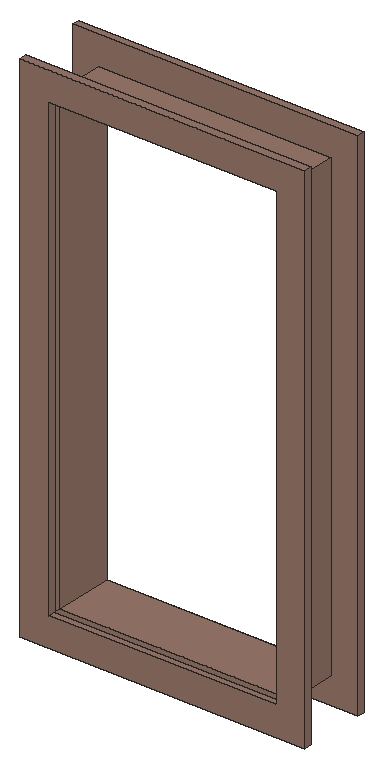
Revit family
Parameters (values of type "0610 x 1220mm")
  높이 = 1220 mm
  씰 높이 = 915 mm
  자르기 재료 = 자르기
  자르기 두께 = 20 mm
  자르기 폭 = 75 mm
  폭 = 610 mm
Types (10, lengths in mm): name | 높이 | 씰 높이 | 폭
  (no name) | 1220 | 915 | 610
  0915 x 1220mm | 1220 | 915 | 915
  0915 x 0610mm | 610 | 915 | 915
  0915 x 1830mm | 1830 | 610 | 915
  0610 x 1830mm | 1830 | 610 | 610
  0610 x 1220mm | 1220 | 915 | 610
  0610 x 0610mm | 610 | 915 | 610
  0406 x 0610mm | 610 | 915 | 406
  0406 x 1220mm | 1220 | 915 | 406
  0406 x 1830mm | 1830 | 610 | 406
Reference planes
  plane 1: y = 0
  plane 2 "중심(왼쪽/오른쪽)": x = -8.189
  plane 3 "오른쪽": x = 296.811
  plane 4 "왼쪽": x = -313.189
  plane 5 "상단": z = 2135
  plane 6: y = 96.2
  plane 7: y = -96.2
  plane 8: z = 915
Forms (mm)
  Sweep 1, solid, material "자르기" <- "자르기 재료"
    path in 3D
      loop
        line (296.811, 76.2, 2135) -> (-313.189, 76.2, 2135) -> (-313.189, 76.2, 915) -> (296.811, 76.2, 915) -> (296.811, 76.2, 2135)
    profile origin (296.811, 0, 1525) x (0, 1, 0) y (-1, 0, 0)
      loop
        line (76.2, 0.95) -> (76.2, 20) -> (-76.2, 20) -> (-76.2, 0.95) -> (76.2, 0.95)
  Extrusion 2, solid, material "자르기" <- "자르기 재료"
    sketch origin (-1524, 76.2, 0) x (-1, 0, 0) y (0, 0, 1)
      loop
        line (-1889.461, 846.35) -> (-1142.161, 846.35) -> (-1142.161, 2209.05) -> (-1889.461, 2209.05) -> (-1889.461, 846.35)
      loop
        line (-1217.161, 921.35) -> (-1217.161, 2128.65) -> (-1814.461, 2128.65) -> (-1814.461, 921.35) -> (-1217.161, 921.35)
    from 0 to 20
  Extrusion 3, solid, material "자르기" <- "자르기 재료"
    sketch origin (-1524, -76.2, 0) x (1, 0, 0) y (0, 0, 1)
      loop
        line (1217.161, 2128.65) -> (1217.161, 921.35) -> (1814.461, 921.35) -> (1814.461, 2128.65) -> (1217.161, 2128.65)
      loop
        line (1142.161, 846.35) -> (1889.461, 846.35) -> (1889.461, 2203.65) -> (1142.161, 2203.65) -> (1142.161, 846.35)
    from 0 to 20
Lines and regions (mm)
  Opening 1
    outline origin (-1524, -76.2, 0) x (1, 0, 0) y (0, 0, 1)
      loop
        line (1820.811, 2135) -> (1210.811, 2135) -> (1210.811, 915) -> (1820.811, 915) -> (1820.811, 2135)
  sketch lines
    curve 1: line (296.811, 76.2, 915) -> (296.811, 76.2, 2135)
    curve 2: line (296.811, 76.2, 2135) -> (-313.189, 76.2, 2135)
    curve 3: line (-313.189, 76.2, 2135) -> (-313.189, 76.2, 915)
    curve 4: line (-313.189, 76.2, 915) -> (296.811, 76.2, 915)
  symbolic lines
    curve 5: line (-313.189, 76.2, 0) -> (296.811, 76.2, 0)
    curve 6: line (-313.189, -76.2, 0) -> (-313.189, 76.2, 0)
    curve 7: line (296.811, -76.2, 0) -> (-313.189, -76.2, 0)
    curve 8: line (296.811, 76.2, 0) -> (296.811, -76.2, 0)
Text (mm)
  text "측면 배치" at (0, 1019.848, 3124.603), in view "오른쪽"
  text "측면 배치" at (-1787.662, 1269.283, 0), in view "참조 레벨"
  text "측면 배치" at (0, 1504.039, 2975.729), in view "왼쪽"
Dimensions and locks
  "폭": plane 4 "왼쪽" to plane 3 "오른쪽"
  equal spacing: plane 4 "왼쪽", plane 2 "중심(왼쪽/오른쪽)", plane 3 "오른쪽"
  "자르기 두께": Sweep 1 sketch curve to plane 3 "오른쪽"
  locked: plane 3 "오른쪽" to Extrusion 2 sketch curve at 6.35
  "자르기 폭": Extrusion 2 sketch curve to Extrusion 2 sketch curve  (x3)
  locked: plane 4 "왼쪽" to Extrusion 2 sketch curve at 6.35
  locked: Extrusion 2 sketch curve to plane 5 "상단" at 6.35
  "자르기 폭": Sweep 1 to Extrusion 2 sketch curve
  locked: Extrusion 3 sketch curve to plane 4 "왼쪽" at 6.35
  "자르기 폭": Extrusion 3 sketch curve to Extrusion 3 sketch curve  (x4)
  locked: plane 5 "상단" to Extrusion 3 sketch curve at 6.35
  locked: plane 3 "오른쪽" to Extrusion 3 sketch curve at 6.35
  "자르기 두께": host wall to plane 6
  "자르기 두께": plane 7 to host wall
  "씰 높이": host wall to plane 8
  "높이": plane 8 to plane 5 "상단"
  locked: plane 8 to Extrusion 2 sketch curve at 6.35
  locked: Extrusion 3 sketch curve to plane 8 at 6.35
  aligned and locked: plane 3 "오른쪽" to Opening 1 sketch curve
  aligned and locked: Opening 1 sketch curve to plane 5 "상단"
  aligned and locked: Opening 1 sketch curve to plane 4 "왼쪽"
  aligned and locked: host wall to Sweep 1 sketch curve  (x2)
  aligned and locked: Extrusion 2 to plane 6
  aligned and locked: plane 7 to Extrusion 3
  aligned and locked: plane 8 to Opening 1 sketch curve
  aligned and locked: curve 5 to host wall  (x2)
  aligned and locked: curve 8 to host wall  (x2)
Automatic sketch dimensions
  Sweep 1 sketch curve to Sweep 1 sketch curve = 19.05 mm
